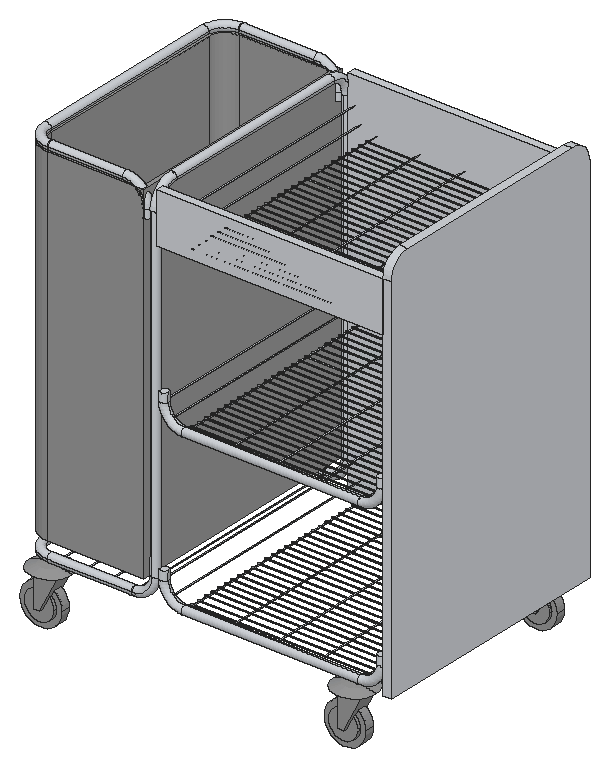
Revit family "Тележка горничной для белья", category Оборудование, Revit 2017
Family settings
  Размер круглого соединителя = Использовать диаметр
  Тип детали = Нормальный
  На основе рабочей плоскости = Нет
  Всегда вертикально = Да
  При загрузке вырезать с полостями = Нет
  Общий = Нет
  Точка расчета площади = Нет
Parameters
  Ширина = 890.0 mm
  Примечание = ""
  Обозначение = "Арт. 96.000"
  Наименование = "Тележка горничной для белья"
  Масса = ""
  Код оборудования = ""
  Keynote = ""
  Изготовитель = "Severin"
  Завод = "Всё для уборки"
  Единицы = "шт."
  Группа модели = "ТХ"  # constant formula
  Глубина = 500.0 mm
  Высота = 1040.0 mm
Reference planes
  plane 1 "По центру (Вперед/Назад)": y = 0
  plane 2: z = 0
  plane 3 "По центру (Влево/Вправо)": x = 0
  plane 4: x = 580
  plane 5: x = -580
  plane 6: y = -285
  plane 7: y = 285
  plane 8: z = 150
  plane 9: z = 1030
  plane 10: x = 280
  plane 11: x = -280
  plane 12: x = -330
  plane 13: x = 330
  plane 14: z = 980
  plane 15: x = 260
  plane 16: x = -260
  plane 17: x = -300
  plane 18: x = -530
  plane 19: x = 530
Forms (mm)
  Sweep 1, solid
    path origin (620, -1524, 150) x (1, 0, 0) y (0, 1, 0)
      loop
        line (-950, 1809) -> (-1150, 1809)
        arc (-1150, 1809) -> (-1185.355, 1794.355) -> (-1200, 1759) r 50
        line (-1200, 1759) -> (-1200, 1289)
        arc (-1200, 1289) -> (-1185.355, 1253.645) -> (-1150, 1239) r 50
        line (-1150, 1239) -> (-950, 1239)
    profile origin (-580, 0, 150) x (1, 0, 0) y (0, 0, 1)
      loop
        circle (0, 0) r 10
  Sweep 2, solid
    path origin (520, -285, 1200) x (1, 0, 0) y (0, 0, -1)
      loop
        arc (-850, 1050) -> (-814.645, 1035.355) -> (-800, 1000) r 50
        line (-800, 1000) -> (-800, 220)
    profile origin (-294.645, -285, 164.645) x (0.707107, 0, -0.707107) y (0, 1, 0)
      loop
        circle (0, 0) r 10
  Sweep 3, solid
    path origin (-280, 180, 1200) x (0, 1, 0) y (0, 0, -1)
      loop
        arc (-465, 220) -> (-450.355, 184.645) -> (-415, 170) r 50
        line (-415, 170) -> (55, 170)
        arc (55, 170) -> (90.355, 184.645) -> (105, 220) r 50
    profile origin (-280, -270.355, 1015.355) x (0, 0.707107, -0.707107) y (-1, 0, 0)
      loop
        circle (0, 0) r 10
  Sweep 4, solid
    path origin (420, 285, 1200) x (1, 0, 0) y (0, 0, -1)
      loop
        arc (-750, 1050) -> (-714.645, 1035.355) -> (-700, 1000) r 50
        line (-700, 1000) -> (-700, 220)
    profile origin (-294.645, 285, 164.645) x (0.707107, 0, -0.707107) y (0, 1, 0)
      loop
        circle (0, 0) r 10
  Sweep 5, solid, detail levels fine
    path origin (-520, -285, 1200) x (-1, 0, 0) y (0, 0, 1)
      loop
        line (-260, -980) -> (-260, -1000)
        arc (-260, -1000) -> (-274.645, -1035.355) -> (-310, -1050) r 50
        line (-310, -1050) -> (-730, -1050)
        arc (-730, -1050) -> (-765.355, -1035.355) -> (-780, -1000) r 50
        line (-780, -1000) -> (-780, -980)
    profile origin (260, -285, 220) x (1, 0, 0) y (0, 1, 0)
      loop
        circle (0, 0) r 10
  Extrusion 6, solid, detail levels fine
    sketch origin (-520, -285, 1200) x (-1, 0, 0) y (0, 0, 1)
      loop
        circle (-730, -1050) r 1.025
      loop
        circle (-780, -1000) r 1.025
      loop
        circle (-520, -1050) r 1.025
      loop
        circle (-625, -1050) r 1.025
      loop
        circle (-310, -1050) r 1.025
      loop
        circle (-260, -1000) r 1.025
      loop
        circle (-415, -1050) r 1.025
      loop
        circle (-765.355, -1035.355) r 1
      loop
        circle (-274.645, -1035.355) r 1
      loop
        circle (-190, -1050) r 1.025
      loop
        circle (-130, -1050) r 1.025
      loop
        circle (-70, -1050) r 1.025
      loop
        circle (-10, -1050) r 1.025
      loop
        circle (-730, -670) r 1.025
      loop
        circle (-780, -620) r 1.025
      loop
        circle (-520, -670) r 1.025
      loop
        circle (-625, -670) r 1.025
      loop
        circle (-310, -670) r 1.025
      loop
        circle (-260, -620) r 1.025
      loop
        circle (-415, -670) r 1.025
      loop
        circle (-765.355, -655.355) r 1
      loop
        circle (-274.645, -655.355) r 1
      loop
        circle (-730, -290) r 1.025
      loop
        circle (-780, -240) r 1.025
      loop
        circle (-520, -290) r 1.025
      loop
        circle (-625, -290) r 1.025
      loop
        circle (-310, -290) r 1.025
      loop
        circle (-260, -240) r 1.025
      loop
        circle (-415, -290) r 1.025
      loop
        circle (-765.355, -275.355) r 1
      loop
        circle (-274.645, -275.355) r 1
    from 0 to 570
  Extrusion 7, solid, detail levels fine
    sketch origin (-260, 180, 1200) x (0, 1, 0) y (0, 0, 1)
      loop
        circle (-180, -1050) r 1
      loop
        circle (-200, -1050) r 1
      loop
        circle (-220, -1050) r 1
      loop
        circle (-240, -1050) r 1
      loop
        circle (-260, -1050) r 1
      loop
        circle (-280, -1050) r 1
      loop
        circle (-300, -1050) r 1
      loop
        circle (-320, -1050) r 1
      loop
        circle (-340, -1050) r 1
      loop
        circle (-360, -1050) r 1
      loop
        circle (-380, -1050) r 1
      loop
        circle (-400, -1050) r 1
      loop
        circle (-420, -1050) r 1
      loop
        circle (-440, -1050) r 1
      loop
        circle (-160, -1050) r 1
      loop
        circle (-140, -1050) r 1
      loop
        circle (-120, -1050) r 1
      loop
        circle (-100, -1050) r 1
      loop
        circle (-80, -1050) r 1
      loop
        circle (-60, -1050) r 1
      loop
        circle (-40, -1050) r 1
      loop
        circle (-20, -1050) r 1
      loop
        circle (0, -1050) r 1
      loop
        circle (20, -1050) r 1
      loop
        circle (40, -1050) r 1
      loop
        circle (60, -1050) r 1
      loop
        circle (80, -1050) r 1
    from 45 to 475
  Sweep 8, solid, detail levels fine
    path origin (-520, -285, 1580) x (-1, 0, 0) y (0, 0, 1)
      loop
        line (-260, -980) -> (-260, -1000)
        arc (-260, -1000) -> (-274.645, -1035.355) -> (-310, -1050) r 50
        line (-310, -1050) -> (-730, -1050)
        arc (-730, -1050) -> (-765.355, -1035.355) -> (-780, -1000) r 50
        line (-780, -1000) -> (-780, -980)
    profile origin (260, -285, 600) x (1, 0, 0) y (0, 1, 0)
      loop
        circle (0, 0) r 10
  Extrusion 9, solid, detail levels fine
    sketch origin (-260, 180, 1580) x (0, 1, 0) y (0, 0, 1)
      loop
        circle (-180, -1050) r 1
      loop
        circle (-200, -1050) r 1
      loop
        circle (-220, -1050) r 1
      loop
        circle (-240, -1050) r 1
      loop
        circle (-260, -1050) r 1
      loop
        circle (-280, -1050) r 1
      loop
        circle (-300, -1050) r 1
      loop
        circle (-320, -1050) r 1
      loop
        circle (-340, -1050) r 1
      loop
        circle (-360, -1050) r 1
      loop
        circle (-380, -1050) r 1
      loop
        circle (-400, -1050) r 1
      loop
        circle (-420, -1050) r 1
      loop
        circle (-440, -1050) r 1
      loop
        circle (-160, -1050) r 1
      loop
        circle (-140, -1050) r 1
      loop
        circle (-120, -1050) r 1
      loop
        circle (-100, -1050) r 1
      loop
        circle (-80, -1050) r 1
      loop
        circle (-60, -1050) r 1
      loop
        circle (-40, -1050) r 1
      loop
        circle (-20, -1050) r 1
      loop
        circle (0, -1050) r 1
      loop
        circle (20, -1050) r 1
      loop
        circle (40, -1050) r 1
      loop
        circle (60, -1050) r 1
      loop
        circle (80, -1050) r 1
    from 45 to 475
  Extrusion 10, solid, detail levels fine
    sketch origin (-260, 180, 1960) x (0, 1, 0) y (0, 0, 1)
      loop
        circle (-180, -1050) r 1
      loop
        circle (-200, -1050) r 1
      loop
        circle (-220, -1050) r 1
      loop
        circle (-240, -1050) r 1
      loop
        circle (-260, -1050) r 1
      loop
        circle (-280, -1050) r 1
      loop
        circle (-300, -1050) r 1
      loop
        circle (-320, -1050) r 1
      loop
        circle (-340, -1050) r 1
      loop
        circle (-360, -1050) r 1
      loop
        circle (-380, -1050) r 1
      loop
        circle (-400, -1050) r 1
      loop
        circle (-420, -1050) r 1
      loop
        circle (-440, -1050) r 1
      loop
        circle (-160, -1050) r 1
      loop
        circle (-140, -1050) r 1
      loop
        circle (-120, -1050) r 1
      loop
        circle (-100, -1050) r 1
      loop
        circle (-80, -1050) r 1
      loop
        circle (-60, -1050) r 1
      loop
        circle (-40, -1050) r 1
      loop
        circle (-20, -1050) r 1
      loop
        circle (0, -1050) r 1
      loop
        circle (20, -1050) r 1
      loop
        circle (40, -1050) r 1
      loop
        circle (60, -1050) r 1
      loop
        circle (80, -1050) r 1
    from 45 to 475
  Sweep 11, solid
    path origin (-520, -285, 1200) x (-1, 0, 0) y (0, 0, 1)
      loop
        line (10, -170) -> (-170, -170)
        arc (-170, -170) -> (-205.355, -184.645) -> (-220, -220) r 50
        line (-220, -220) -> (-220, -240)
    profile origin (-314.645, -285, 1015.355) x (-0.707107, 0, -0.707107) y (0, 1, 0)
      loop
        circle (0, 0) r 10
  Sweep 12, solid
    path origin (-680, -1524, 1030) x (-1, 0, 0) y (0, -1, 0)
      loop
        arc (-150, -1239) -> (-114.645, -1253.645) -> (-100, -1289) r 50
        line (-100, -1289) -> (-100, -1759)
        arc (-100, -1759) -> (-114.645, -1794.355) -> (-150, -1809) r 50
    profile origin (-565.355, -270.355, 1030) x (-0.707107, -0.707107, 0) y (0, 0, 1)
      loop
        circle (0, 0) r 10
  Sweep 13, solid
    path origin (-520, 285, 1200) x (-1, 0, 0) y (0, 0, 1)
      loop
        line (10, -170) -> (-170, -170)
        arc (-170, -170) -> (-205.355, -184.645) -> (-220, -220) r 50
        line (-220, -220) -> (-220, -240)
    profile origin (-314.645, 285, 1015.355) x (-0.707107, 0, -0.707107) y (0, 1, 0)
      loop
        circle (0, 0) r 10
  Extrusion 14, solid, material "Полотно - бежевое"
    sketch origin (-680, -1524, 1030) x (-1, 0, 0) y (0, -1, 0)
      loop
        line (-380, -1819) -> (-150.095, -1819)
        arc (-150.095, -1819) -> (-107.601, -1801.399) -> (-90, -1758.905) r 60.095
        line (-90, -1758.905) -> (-90, -1289.095)
        arc (-90, -1289.095) -> (-107.601, -1246.601) -> (-150.095, -1229) r 60.095
        line (-150.095, -1229) -> (-380, -1229) -> (-380, -1819)
    from -10 to -840
  Extrusion 15, solid
    sketch origin (280, 180, 1200) x (0, 1, 0) y (0, 0, 1)
      loop
        line (115, -1060) -> (115, -170)
        arc (115, -170) -> (100.355, -134.645) -> (65, -120) r 50
        line (65, -120) -> (-425, -120)
        arc (-425, -120) -> (-460.355, -134.645) -> (-475, -170) r 50
        line (-475, -170) -> (-475, -1060) -> (115, -1060)
    from -10 to 10
  Extrusion 16, solid
    sketch origin (-420, 285, 1200) x (-1, 0, 0) y (0, 0, 1)
      loop
        line (-150, -1060) -> (-150, -170) -> (-690, -170) -> (-690, -1060) -> (-150, -1060)
    from -10 to 10
  Extrusion 17, solid
    sketch origin (-520, -285, 1200) x (-1, 0, 0) y (0, 0, 1)
      loop
        line (-250, -170) -> (-790, -170) -> (-790, -290) -> (-250, -290) -> (-250, -170)
    from -10 to 10
  Extrusion 18, void
    sketch origin (-680, -1524, 1020) x (0, -1, 0) y (-1, 0, 0)
      loop
        line (-1799, -150) -> (-1799, -370) -> (-1249, -370) -> (-1249, -150)
        arc (-1249, -150) -> (-1260.716, -121.716) -> (-1289, -110) r 40
        line (-1289, -110) -> (-1759, -110)
        arc (-1759, -110) -> (-1787.284, -121.716) -> (-1799, -150) r 40
    from -10 to 820
Cuts and joins
  Extrusion 18 cuts Extrusion 14
Dimensions and locks
  aligned and locked: level to plane 2
Nested families
  nested 1: "Колесо Д10 с бампером h=140" at (180.095, 285, 0), type "Колесо Д10 с бампером h=140"
  nested 2: "Колесо Д10 с бампером h=140" at (180.095, -285, 0), type "Колесо Д10 с бампером h=140"
  nested 3: "Колесо Д10 с бампером h=140" at (-544.905, -285, 0), type "Колесо Д10 с бампером h=140"
  nested 4: "Колесо Д10 с бампером h=140" at (-544.905, 285, 0), type "Колесо Д10 с бампером h=140"
Definition of nested family "Колесо Д10 с бампером h=140"
  Parameters (values of type "Колесо Д10 с бампером h=140")
    Keynote = ""
    Model = "ТХ"  # constant formula
    GKS_Mep_Примечание = ""
    GKS_Mep_Обозначение = ""
    GKS_Mep_Наименование = "Колесо Д10 с бампером h=140"
    GKS_Mep_Масса = ""
    GKS_Mep_Код оборудования = ""
    GKS_Mep_Завод = ""
    GKS_Mep_Единицы = "шт."
  Types (2, lengths in mm): name | GKS_Mep_Наименование
    Колесо Д10 с бампером h=140 | "Колесо Д10 с бампером h=140"
    ИЗМЕНИТЬ!!!!! | ""
  Reference planes
    plane 1 "По центру (Вперед/Назад)": y = 0
    plane 2: z = 0
    plane 3 "По центру (Влево/Вправо)": x = 0
    plane 4: z = 140
    plane 5: z = 120
    plane 6: x = 15
    plane 7: z = 130
    plane 8: z = 50
  Forms (mm)
    Extrusion 1, solid, detail levels fine
      sketch origin (0, 0, 0) x (1, 0, 0) y (0, 0, 1)
        loop
          circle (0, 50) r 50
      from -10 to 10
    Extrusion 2, solid, detail levels fine
      sketch origin (0, 0, 0) x (1, 0, 0) y (0, 0, 1)
        loop
          circle (0, 50) r 35
      from -15 to 15
    Revolve 3, solid
      sketch origin (-10, 0, 0) x (1, 0, 0) y (0, 0, 1)
        loop
          arc (25, 140) -> (-0.495, 137.475) -> (-25, 130) r 130
          arc (-25, 130) -> (-0.495, 122.525) -> (25, 120) r 130
          line (25, 120) -> (25, 140)
        axis (25, 140) -> (25, 120)
      angle from 0 to 360
    Extrusion 4, solid, detail levels fine
      sketch origin (0, 0, 0) x (1, 0, 0) y (0, 0, 1)
        loop
          line (-10, 120) -> (-10, 40) -> (4.905, 40) -> (45.667, 120) -> (-10, 120)
      from -20 to 20
  Lines and regions (mm)
    symbolic lines, detail levels coarse+medium
      curve 1: line (15, 10, 0) -> (15, -10, 0)
      curve 2: line (4.905, 0, 0) -> (24.905, 0, 0)
  Dimensions and locks
    aligned and locked: level to plane 2
